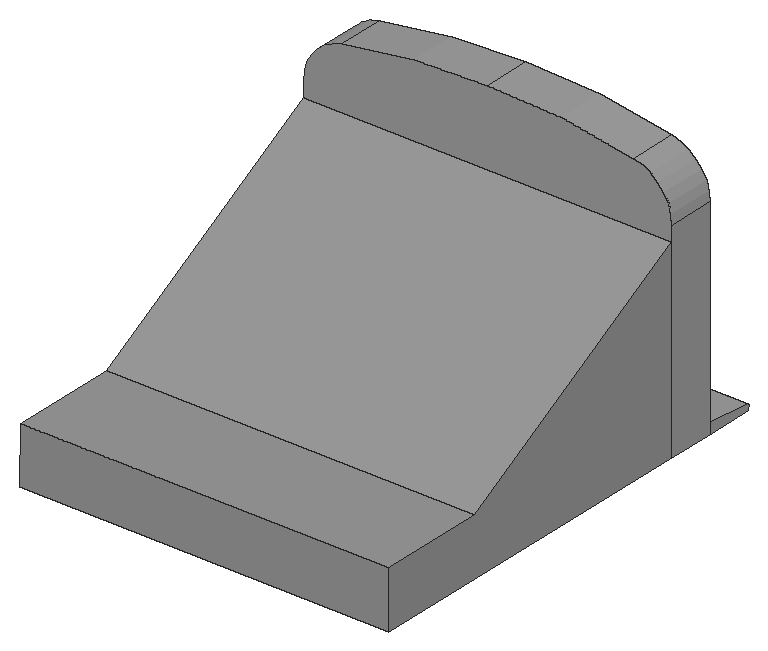
Revit family "Bariatric_Lavatory-Willoughby-BHS-3123", category Plumbing Fixtures, Revit 2015
Parameters (values of type "Standard")
  water line = Copper
  Waste DIA = 1 1/2"
  Waste Connection = yes
  Vent Connection = no
  URL = "https://www.willoughby-ind.com/wp-content/uploads/2017/05/BHS-3123.pdf"
  Solid Surface Sink = Solid Surface Acrylic Resin-Willoughby
  Revision = "A"
  Polymer Base = Solid Polymer
  Model = "BHS-3123"
  Manufacturer = "Willoughby Industries"
  LAV HW DIA = 1/2"
  LAV CW DIA = 1/2"
  HW Connection = yes
  Fixture Body = Stainless Steel AISI 304-Willoughby
  Description = "Bariatric Lavatory"
  Default Elevation = 0' - 0"
  Contact = "(800) 428-4065"
  CW Connection = yes
Reference planes (in)
  plane 1 "Center (Front/Back)/Floor": y = 0
  plane 2: z = 0
  plane 3 "Center (Left/Right)": x = 0
  plane 4 "Top Of Sink": y = 33.875
  plane 5 "Top Of Unit": y = 37.92222
  plane 6 "Bottom Of Sink": y = 29.875
  plane 7: x = -15.53125
  plane 8: x = 15.53125
  plane 9: z = 22.6875
  plane 10: z = 17.5625
  plane 11 "Waste HGT": y = 21.5
  plane 12 "Drain": x = 4
  plane 13 "Water HGT": y = 22
  plane 14: x = -4
Forms (in)
  Extrusion 1, solid, material "Solid Surface Acrylic Resin-Willoughby" <- "Solid Surface Sink"
    sketch origin (0, 29.875, 0) x (-1, 0, 0) y (0, 0, 1)
      loop
        line (15.53125, 0) -> (15.53125, 17.5625)
        arc (15.53125, 17.5625) -> (14.6345, 20.09549) -> (12.34375, 21.5) r 4.02574
        arc (12.34375, 21.5) -> (6.20571, 22.44545) -> (0, 22.6875) r 54.58037
        arc (0, 22.6875) -> (-6.20571, 22.44545) -> (-12.34375, 21.5) r 54.58037
        arc (-12.34375, 21.5) -> (-14.6345, 20.09549) -> (-15.53125, 17.5625) r 4.02574
        line (-15.53125, 17.5625) -> (-15.53125, 0) -> (15.53125, 0)
    from 0 to 4
  Extrusion 2, solid, material "Solid Surface Acrylic Resin-Willoughby" <- "Solid Surface Sink"
    sketch origin (0, 0, 0) x (0, 1, 0) y (0, 0, 1)
      loop
        line (33.875, 0) -> (37.92222, 0) -> (37.92222, 0.45958)
        arc (37.92222, 0.45958) -> (37.90171, 0.52506) -> (37.84752, 0.56714) r 0.11479
        line (37.84752, 0.56714) -> (33.94743, 0.90836)
        arc (33.94743, 0.90836) -> (33.89622, 0.92957) -> (33.875, 0.98079) r 0.07243
        line (33.875, 0.98079) -> (33.875, 0)
    from 15.53125 to -15.53125
  Extrusion 3, solid, material "Solid Polymer" <- "Polymer Base"
    sketch origin (0, 0, 0) x (0, 1, 0) y (0, 0, 1)
      loop
        line (29.875, 0) -> (29.875, 16.31441) -> (9.125, 4.8125) -> (0, 4.8125) -> (0, 0) -> (29.875, 0)
    from 15.53125 to -15.53125
  Blend 4, void
    base sketch origin (0, 33.875, 0) x (-1, 0, 0) y (0, 0, 1)
      loop
        arc (0, 17.5625) -> (-3.3656, 17.38086) -> (-6.6875, 16.81059) r 29.04884
        arc (-6.6875, 16.81059) -> (-7.97749, 16.02522) -> (-8.875, 14.81059) r 3.92144
        line (-8.875, 14.81059) -> (-9.875, 8.56059)
        arc (-9.875, 8.56059) -> (-9.45454, 6.71993) -> (-7.875, 5.68559) r 2.52472
        arc (-7.875, 5.68559) -> (-3.94769, 5.26166) -> (0, 5.12312) r 54.53472
        arc (0, 5.12312) -> (3.94769, 5.26166) -> (7.875, 5.68559) r 54.53472
        arc (7.875, 5.68559) -> (9.45454, 6.71993) -> (9.875, 8.56059) r 2.52472
        line (9.875, 8.56059) -> (8.875, 14.81059)
        arc (8.875, 14.81059) -> (7.97749, 16.02522) -> (6.6875, 16.81059) r 3.92144
        arc (6.6875, 16.81059) -> (3.3656, 17.38086) -> (0, 17.5625) r 29.04884
    top sketch origin (0, 33.875, 0) x (-1, 0, 0) y (0, 0, 1)
      loop
        arc (-1.75, 8.43562) -> (-1.23744, 7.19819) -> (0, 6.68562) r 1.75
        arc (0, 6.68562) -> (1.23744, 7.19819) -> (1.75, 8.43562) r 1.75
        arc (1.75, 8.43562) -> (1.23744, 9.67306) -> (0, 10.18562) r 1.75
        arc (0, 10.18562) -> (-1.23744, 9.67306) -> (-1.75, 8.43562) r 1.75
    from 0 to -4
  Revolve 5, solid, material "Stainless Steel AISI 304-Willoughby" <- "Fixture Body"
    sketch origin (0, 21.5, 0) x (-1, 0, 0) y (0, 0, 1)
      loop
        line (-4, 0) -> (-3.25, 0) -> (-3.25, 2) -> (-4, 2) -> (-4, 0)
      axis (-4, 2) -> (-4, 0)
    angle from 0 to 360
  Revolve 6, solid, material "Copper" <- "water line"
    sketch origin (0, 22, 0) x (-1, 0, 0) y (0, 0, 1)
      loop
        line (0, 0) -> (0.25, 0) -> (0.25, 2) -> (0, 2) -> (0, 0)
      axis (0, 2) -> (0, 0)
    angle from 0 to 360
  Revolve 7, solid, material "Copper" <- "water line"
    sketch origin (0, 22, 0) x (-1, 0, 0) y (0, 0, 1)
      loop
        line (4, 0) -> (4.25, 0) -> (4.25, 2) -> (4, 2) -> (4, 0)
      axis (4, 2) -> (4, 0)
    angle from 0 to 360
Cuts and joins
  Blend 4 cuts Extrusion 1
  Blend 4 cuts Extrusion 3
Lines and regions (in)
  symbolic lines
    curve 1: line (0, 0, 0) -> (0, 29.875, 0)
    curve 2: line (0, 29.875, 0) -> (0, 29.875, 16.31441)
    curve 3: line (0, 29.875, 16.31441) -> (0, 9.125, 4.8125)
    curve 4: line (0, 9.125, 4.8125) -> (0, 0, 4.8125)
    curve 5: line (0, 0, 4.8125) -> (0, 0, 0)
    curve 6: line (0, 29.875, 0) -> (0, 33.875, 0)
    curve 7: line (0, 33.875, 0) -> (0, 33.875, 22.69628)
    curve 8: line (0, 33.875, 22.69628) -> (0, 29.875, 22.69628)
    curve 9: line (0, 29.875, 22.69628) -> (0, 29.875, 16.31441)
    curve 14: line (-15.53125, 0, 0) -> (-15.53125, 37.875, 0)
    curve 15: line (-15.53125, 37.875, 0) -> (15.53125, 37.875, 0)
    curve 16: line (15.53125, 37.875, 0) -> (15.53125, 0, 0)
    curve 17: line (15.53125, 0, 0) -> (-15.53125, 0, 0)
    curve 18: line (15.53125, 9.125, 0) -> (-15.53125, 9.125, 0)
    curve 19: line (15.53125, 29.875, 0) -> (-15.53125, 29.875, 0)
    curve 20: line (15.53125, 33.875, 0) -> (-15.53125, 33.875, 0)
    curve 21: line (-15.53125, 22, 0) -> (15.53125, 22, 0)
    curve 22: line (15.53125, 22, 0) -> (15.53125, 22, 17.5625)
    curve 23: arc (15.53125, 22, 17.5625) -> (14.6345, 22, 20.09549) -> (12.34375, 22, 21.5) r 4.02574
    curve 24: arc (12.34375, 22, 21.5) -> (6.20571, 22, 22.44545) -> (0, 22, 22.6875) r 54.58037
    curve 25: arc (0, 22, 22.6875) -> (-6.20168, 22, 22.40359) -> (-12.34375, 22, 21.5) r 61.91048
    curve 26: arc (-12.34375, 22, 21.5) -> (-14.64952, 22, 20.10765) -> (-15.53125, 22, 17.5625) r 3.95993
    curve 27: line (-15.53125, 22, 17.5625) -> (-15.53125, 22, 0)
  symbolic lines, detail levels medium+fine
    curve 10: line (0, 33.875, 0.91469) -> (0, 37.77269, 0.57369)
    curve 11: arc (0, 37.77269, 0.57369) -> (0, 37.84504, 0.54372) -> (0, 37.875, 0.47138) r 0.10231
    curve 12: line (0, 37.875, 0.47138) -> (0, 37.875, 0)
    curve 13: line (0, 37.875, 0) -> (0, 33.875, 0)
    curve 28: line (-15.53125, 22, 0.98079) -> (15.53125, 22, 0.98079)
    curve 29: line (-15.53125, 22, 0.57369) -> (15.53125, 22, 0.57369)
  symbolic lines, detail levels fine
    curve 30: line (9.875, 22, 8.56059) -> (8.875, 22, 14.81059)
    curve 31: arc (8.875, 22, 14.81059) -> (7.97749, 22, 16.02522) -> (6.6875, 22, 16.81059) r 3.92144
    curve 32: arc (6.6875, 22, 16.81059) -> (3.3656, 22, 17.38086) -> (0, 22, 17.5625) r 29.04884
    curve 33: arc (0, 22, 17.5625) -> (-3.36404, 22, 17.36701) -> (-6.6875, 22, 16.81059) r 31.26342
    curve 34: arc (-6.6875, 22, 16.81059) -> (-7.97749, 22, 16.02522) -> (-8.875, 22, 14.81059) r 3.92144
    curve 35: line (-8.875, 22, 14.81059) -> (-9.875, 22, 8.56059)
    curve 36: arc (-9.875, 22, 8.56059) -> (-9.45454, 22, 6.71993) -> (-7.875, 22, 5.68559) r 2.52472
    curve 37: arc (-7.875, 22, 5.68559) -> (-3.94769, 22, 5.26166) -> (0, 22, 5.12312) r 54.53472
    curve 38: arc (0, 22, 5.12312) -> (3.94737, 22, 5.26618) -> (7.875, 22, 5.68559) r 56.31337
    curve 39: arc (7.875, 22, 5.68559) -> (9.45454, 22, 6.71993) -> (9.875, 22, 8.56059) r 2.52472
    curve 40: arc (1.75, 22, 8.43562) -> (1.23744, 22, 9.67306) -> (0, 22, 10.18562) r 1.75
    curve 41: arc (0, 22, 10.18562) -> (-1.23744, 22, 9.67306) -> (-1.75, 22, 8.43562) r 1.75
    curve 42: arc (-1.75, 22, 8.43562) -> (-1.23744, 22, 7.19819) -> (0, 22, 6.68562) r 1.75
    curve 43: arc (0, 22, 6.68562) -> (1.23744, 22, 7.19819) -> (1.75, 22, 8.43562) r 1.75
Dimensions and locks (in)
  plane 6 "Bottom Of Sink" to plane 4 "Top Of Sink" to plane 5 "Top Of Unit" = 0' - 4", 0' - 4.04722"
  plane 5 "Top Of Unit" to plane 1 "Center (Front/Back)/Floor" = 3' - 1.92222"
  plane 1 "Center (Front/Back)/Floor" to plane 5 "Top Of Unit" = 3' - 1.92222"
  locked: plane 7 to plane 8 at 31.0625
  plane 7 to plane 8 = 2' - 7 1/16"
  plane 10 to plane 9 = 0' - 5 1/8"
  plane 5 "Top Of Unit" to plane 4 "Top Of Sink" to plane 6 "Bottom Of Sink" to plane 1 "Center (Front/Back)/Floor" = 0' - 4.04722", 0' - 4", 2' - 5 7/8"
  cut or joined group of Extrusion 3, Blend 4 to level = 0' - 4 13/16"
  plane 1 "Center (Front/Back)/Floor" to plane 11 "Waste HGT" = 1' - 9 1/2"
  plane 1 "Center (Front/Back)/Floor" to plane 13 "Water HGT" = 1' - 10"
  plane 3 "Center (Left/Right)" to plane 12 "Drain" = 0' - 4"
  plane 14 to plane 3 "Center (Left/Right)" = 0' - 4"
  aligned and locked: plane 4 "Top Of Sink" to Extrusion 1
  aligned and locked: Extrusion 1 to level
  aligned and locked: Extrusion 2 to level
  aligned and locked: Extrusion 2 to plane 4 "Top Of Sink"
  aligned and locked: plane 5 "Top Of Unit" to Extrusion 2
  aligned and locked: Extrusion 3 to level
  aligned and locked: plane 6 "Bottom Of Sink" to Extrusion 3
  aligned and locked: plane 1 "Center (Front/Back)/Floor" to Extrusion 3
  aligned and locked: plane 3 "Center (Left/Right)" to Blend 4 sketch curve
  aligned and locked: Revolve 5 sketch curve to Revolve 5 sketch curve  (x2)
  aligned and locked: plane 7 to Extrusion 3
  aligned and locked: Extrusion 3 to plane 8
  aligned and locked: plane 7 to Extrusion 2
  aligned and locked: Extrusion 2 to plane 8
  aligned and locked: Extrusion 3 to plane 2
  aligned and locked: Extrusion 3 to cut or joined group of Extrusion 1, Blend 4
  aligned and locked: Extrusion 2 to cut or joined group of Extrusion 1, Blend 4
Connectors (in)
  piping at (4, 21.5, 0), diameter 1.5, driven by "Waste Connection", driven by "Waste DIA"
    settings: on Revolve 5, index 1, connector inside diameter 24", connector length 0' - 0", flow factor 0, pipe flow 0 GPM, pressure drop 0.00 psi, fitting loss kfactor 0, connector angle 0.00°, fixture units 0, engagement length 0' - 0", angle of deflection 0.00°, flow configuration 0, flow direction 2, fitting loss method 0, system type 16, joint type 0, gender type 0, connector reference index -1, connector utility 1, adjustable connector no, is connector primary yes, connector description "Sink Waste"
  piping at (0, 22, 0), diameter 0.5, driven by "LAV CW DIA", driven by "CW Connection"
    settings: on Revolve 6, index 2, connector inside diameter 24", connector length 0' - 0", flow factor 0, pipe flow 0 GPM, pressure drop 0.00 psi, fitting loss kfactor 0, connector angle 0.00°, fixture units 0, engagement length 0' - 0", angle of deflection 0.00°, flow configuration 0, flow direction 1, fitting loss method 0, system type 20, joint type 0, gender type 0, connector reference index -1, connector utility 1, adjustable connector no, is connector primary no, connector description "CW Inlet"
  piping at (-4, 22, 0), diameter 0.5, driven by "LAV HW DIA", driven by "HW Connection"
    settings: on Revolve 7, index 3, connector inside diameter 24", connector length 0' - 0", flow factor 0, pipe flow 0 GPM, pressure drop 0.00 psi, fitting loss kfactor 0, connector angle 0.00°, fixture units 0, engagement length 0' - 0", angle of deflection 0.00°, flow configuration 0, flow direction 1, fitting loss method 0, system type 19, joint type 0, gender type 0, connector reference index -1, connector utility 1, adjustable connector no, is connector primary no, connector description "HW Inlet"
